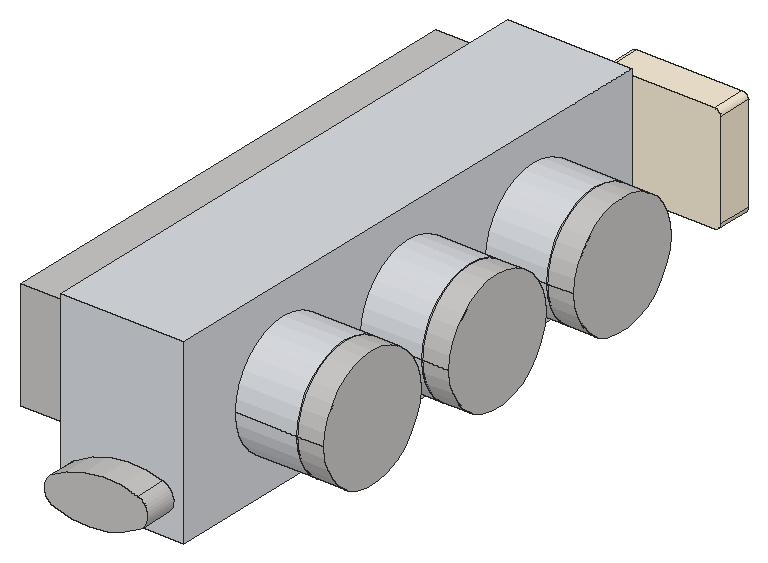
Revit family "HVAC_Ductwork_Airzone_Motorized-Plenum_Mitsubishi-Electric_Standard_3-Dampers", category Mechanical Equipment, Revit 2016
Family settings
  Part Type = Normal
  Round Connector Dimension = Use Diameter
  OmniClass Number = 23.75.70.14
  OmniClass Title = Air Ductwork
  Work Plane-Based = No
  Always vertical = Yes
  Cut with Voids When Loaded = No
  Shared = No
  Room Calculation Point = No
Parameters (values of type "MELST01S3")
  Voltage = 230 V
  URL = "www.airzone.es"
  Type Image Comments = "Image available in product documentation download"  # constant formula
  Revit Model Version = "1.0"  # constant formula
  Revit Model Author URL = "www.a3d.es"
  Revit Model Author = "A3D Consulting"  # constant formula
  Product Documentation Download URL = "http://doc.airzone.es/BIM/Easyzone/Mitsubishi_Electric-Airzone_motorized_plenum.zip"
  Product Comments = "Refer to technical documentation for further details"  # constant formula
  Power Factor = 1
  Neck Width = 863.600 mm
  Neck Length = 95.000 mm
  Neck Height = 181.600 mm
  Material = Metal - AIRZONE - Galvanized Sheet - Semi-polished
  Main Control Board Material = Plastic - AIRZONE - Smooth - Off-white
  Load Classification = Other
  Insulated Body Width = 205.000 mm  # constant formula
  Insulated Body Material = Metal -AIRZONE - Insulating Lining -Aluminum Finish
  Insulated Body Length = 930.000 mm  # constant formula
  Insulated Body Height = 300.000 mm  # constant formula
  Flow [instance] = Damper 3 Air Flow + Damper 2 Air Flow + Damper 1 Air Flow - Fresh Air Inlet 2 Flow - Fresh Air Inlet 1 Flow  # 900 m³/h
  Fresh Air Inlet 1 Flow [instance] = 0 m³/h
  Fresh Air Inlet 2 Flow [instance] = 0 m³/h
  Fresh Air Inlet Connection Width = 175.000 mm
  Fresh Air Inlet Connection Height = 75.000 mm
  Model = "MELST01S3"
  Neck Side Offset = 32.200 mm
  Neck Bottom Offset = 85.200 mm
  Type Image = <None>
  Manufacturer = "AIRZONE"  # constant formula
  Main Control Board Depth = 57.000 mm  # constant formula
  Main Control Board Width = 195.000 mm  # constant formula
  Main Control Board Height = 180.000 mm  # constant formula
  Fixing = ""
  Disclaimer = "All information provided in this model is reviewed before being published. However, Airzone cannot guarantee this model is error-free, therefore users are strongly encouraged to check for technical documentation and updates"  # constant formula
  Description = "Airzone standard motorized plenum with neck that mechanically adapts to the main ducted AC units of Mirsubishi Electric."
  Type Comments = ""
  Dampers Length = 149.000 mm  # constant formula
  Dampers Diameter = 200.000 mm  # constant formula
  Damper 1 Air Flow [instance] = 300 m³/h
  Damper 2 Air Flow [instance] = 300 m³/h
  Damper 3 Air Flow [instance] = 300 m³/h
  Fresh Air Inlet Connection Offset Height = 48.305 mm  # constant formula
  Compatible Accesories = ""
  Apparent Load = 57.5 VA
Types (2, lengths in mm): name | Neck Width | Model | Neck Side Offset
  MELST01S3 | 863.600 | "MELST01S3" | 32.200
  MELST01XS3 | 663.600 | "MELST01XS3" | 132.200
Reference planes
  plane 1 "Center (Front/Back)": y = 0
  plane 2 "Center (Elevation)": z = 0
  plane 3 "Center (Left/Right)": x = 0
  plane 4 "Neck Back": y = 431.8
  plane 5 "Neck Front": y = -431.8
  plane 6 "Neck Top": z = 90.8
  plane 7 "Neck Bottom": z = -90.8
  plane 8 "Left": x = 95
  plane 9 "Bottom": z = -176
  plane 10 "Top": z = 124
  plane 11 "Front": y = -466
  plane 12 "Back": y = 464
  plane 13 "Right": x = 300
  plane 14 "Dampers Front": x = 449
  plane 15 "Dampers Center (Elevation)": z = -26
  plane 16 "Damper3": y = -261
  plane 17 "Damper2": y = -1
  plane 18 "Damper1": y = 259
  plane 19 "Middle": y = -1
  plane 20 "FreshAir Center (Elevation)": z = -127.695
  plane 21 "FreshAir1": y = 516.5
  plane 22 "FreshAir2": y = -518.5
  plane 23 "Dampers Lining": x = 404
  plane 24 "FreshAir Vertical Axis": x = 195.83
  plane 25 "ConnectionBox Side": x = 254
  plane 26 "Main Control Board Center (Left/Right)": x = 351.5
Forms (mm)
  Extrusion 1, solid, material "Metal - AIRZONE - Galvanized Sheet - Semi-polished" <- "Material"
    sketch origin (0, 0, 0) x (0, 1, 0) y (0, 0, 1)
      loop
        line (-431.8, 90.8) -> (-431.8, -90.8) -> (431.8, -90.8) -> (431.8, 90.8) -> (-431.8, 90.8)
    from 0 to 95
  Extrusion 2, solid, material "Metal -AIRZONE - Insulating Lining -Aluminum Finish" <- "Insulated Body Material"
    sketch origin (95, 0, 0) x (0, 1, 0) y (0, 0, 1)
      loop
        line (-466, 124) -> (-466, -176) -> (464, -176) -> (464, 124) -> (-466, 124)
    from 0 to 205
  Extrusion 3, solid, material "Metal - AIRZONE - Galvanized Sheet - Semi-polished" <- "Material"
    sketch origin (300, 0, 0) x (0, 1, 0) y (0, 0, 1)
      loop
        circle (-261, -26) r 100
    from 104 to 149
  Extrusion 4, solid, material "Metal - AIRZONE - Galvanized Sheet - Semi-polished" <- "Material"
    sketch origin (300, 0, 0) x (0, 1, 0) y (0, 0, 1)
      loop
        circle (-1, -26) r 100
    from 104 to 149
  Extrusion 5, solid, material "Metal - AIRZONE - Galvanized Sheet - Semi-polished" <- "Material"
    sketch origin (300, 0, 0) x (0, 1, 0) y (0, 0, 1)
      loop
        circle (259, -26) r 100
    from 104 to 149
  Extrusion 6, solid, material "Metal - AIRZONE - Galvanized Sheet - Semi-polished" <- "Material"
    sketch origin (0, -466, 0) x (0, 0, 1) y (1, 0, 0)
      loop
        arc (-95.141, 265.204) -> (-116.608, 282.105) -> (-141.312, 270.434) r 25.96
        arc (-141.312, 270.434) -> (-167.302, 200.598) -> (-159.849, 126.456) r 164.67
        arc (-159.849, 126.456) -> (-138.665, 109.589) -> (-113.994, 120.751) r 25.96
        arc (-113.994, 120.751) -> (-87.725, 190.78) -> (-95.141, 265.204) r 164.67
    from 0 to -52.5
  Extrusion 7, solid, material "Metal - AIRZONE - Galvanized Sheet - Semi-polished" <- "Material"
    sketch origin (0, 464, 0) x (0, 0, 1) y (1, 0, 0)
      loop
        arc (-95.141, 265.204) -> (-116.325, 282.071) -> (-140.996, 270.909) r 25.96
        arc (-140.996, 270.909) -> (-167.179, 201.53) -> (-160.267, 127.699) r 164.67
        arc (-160.267, 127.699) -> (-139.032, 109.637) -> (-113.678, 121.226) r 25.96
        arc (-113.678, 121.226) -> (-87.688, 191.062) -> (-95.141, 265.204) r 164.67
    from 0 to 52.5
  Extrusion 8, solid, material "Metal -AIRZONE - Insulating Lining -Aluminum Finish" <- "Insulated Body Material"
    sketch origin (300, 0, 0) x (0, 1, 0) y (0, 0, 1)
      loop
        circle (259, -26) r 100
    from 0 to 104
  Extrusion 9, solid, material "Metal -AIRZONE - Insulating Lining -Aluminum Finish" <- "Insulated Body Material"
    sketch origin (300, -260, 0) x (0, 1, 0) y (0, 0, 1)
      loop
        circle (259, -26) r 100
    from 0 to 104
  Extrusion 10, solid, material "Metal -AIRZONE - Insulating Lining -Aluminum Finish" <- "Insulated Body Material"
    sketch origin (300, -520, 0) x (0, 1, 0) y (0, 0, 1)
      loop
        circle (259, -26) r 100
    from 0 to 104
Lines and regions (mm)
  Masking region 1
    outline origin (0, 0, 0) x (1, 0, 0) y (0, 1, 0)
      loop
        line (95, 464) -> (95, -466) -> (300, -466) -> (300, 464) -> (95, 464)
  Masking region 2, detail levels medium+fine
    outline origin (0, 0, 0) x (1, 0, 0) y (0, 1, 0)
      loop
        line (0, 431.8) -> (0, -431.8) -> (95, -431.8) -> (95, 431.8) -> (0, 431.8)
  Masking region 3, detail levels medium+fine
    outline origin (0, 0, 0) x (1, 0, 0) y (0, 1, 0)
      loop
        line (300, -161) -> (300, -361) -> (449, -361) -> (449, -161) -> (300, -161)
  Masking region 4, detail levels medium+fine
    outline origin (0, 260, 0) x (1, 0, 0) y (0, 1, 0)
      loop
        line (300, -161) -> (300, -361) -> (449, -361) -> (449, -161) -> (300, -161)
  Masking region 5, detail levels medium+fine
    outline origin (0, 520, 0) x (1, 0, 0) y (0, 1, 0)
      loop
        line (300, -161) -> (300, -361) -> (449, -361) -> (449, -161) -> (300, -161)
  Masking region 6, detail levels medium+fine
    outline origin (0, 0, -127.695) x (1, 0, 0) y (0, 1, 0)
      loop
        line (108.33, 516.5) -> (108.33, 464) -> (283.33, 464) -> (283.33, 516.5) -> (108.33, 516.5)
  Masking region 7, detail levels medium+fine
    outline origin (0, 0, -127.695) x (1, 0, 0) y (0, 1, 0)
      loop
        line (108.33, -466) -> (108.33, -518.5) -> (283.33, -518.5) -> (283.33, -466) -> (108.33, -466)
  Masking region 8, detail levels medium+fine
    outline origin (0, 0, 124) x (0, -1, 0) y (1, 0, 0)
      loop
        line (-521, 254) -> (-464, 254) -> (-464, 449) -> (-521, 449) -> (-521, 254)
  symbolic lines, detail levels coarse
    curve 1: line (95, -466, 0) -> (300, -1, 0)
    curve 2: line (300, -1, 0) -> (95, 464, 0)
Dimensions and locks
  equal spacing: plane 4 "Neck Back", plane 1 "Center (Front/Back)", plane 5 "Neck Front"
  "Neck Width": plane 4 "Neck Back" to plane 5 "Neck Front"
  equal spacing: plane 6 "Neck Top", level, plane 7 "Neck Bottom"
  "Neck Height": plane 6 "Neck Top" to plane 7 "Neck Bottom"
  "Neck Length": plane 3 "Center (Left/Right)" to plane 8 "Left"
  "Neck Bottom Offset": plane 7 "Neck Bottom" to plane 9 "Bottom"
  "Insulated Body Height": plane 10 "Top" to plane 9 "Bottom"
  "Insulated Body Length": plane 12 "Back" to plane 11 "Front"
  "Insulated Body Width": plane 8 "Left" to plane 13 "Right"
  "Dampers Length": plane 13 "Right" to plane 14 "Dampers Front"
  equal spacing: plane 10 "Top", plane 15 "Dampers Center (Elevation)", plane 9 "Bottom"
  plane 18 "Damper1" to plane 17 "Damper2" to plane 16 "Damper3" = 260.000 mm locked, 260.000 mm locked
  equal spacing: plane 12 "Back", plane 19 "Middle", plane 11 "Front"
  plane 8 "Left" to plane 13 "Right" = 205.000 mm
  "Fresh Air Inlet Connection Offset Height": plane 20 "FreshAir Center (Elevation)" to plane 9 "Bottom"
  locked: Extrusion 6 sketch curve to plane 9 "Bottom" at 56.47
  locked: plane 13 "Right" to Extrusion 6 sketch curve at 43.69
  locked: plane 13 "Right" to Extrusion 6 sketch curve at 164.65
  locked: Extrusion 6 sketch curve to plane 9 "Bottom" at 40.54
  locked: plane 13 "Right" to Extrusion 6 sketch curve at 87.91
  locked: plane 9 "Bottom" to Extrusion 6 sketch curve at 75.01
  locked: plane 13 "Right" to Extrusion 6 sketch curve at 120.43
  locked: Extrusion 6 sketch curve to plane 9 "Bottom" at 172.02
  locked: plane 13 "Right" to Extrusion 7 sketch curve at 43.69
  locked: Extrusion 7 sketch curve to plane 9 "Bottom" at 56.47
  locked: Extrusion 7 sketch curve to plane 9 "Bottom" at 40.54
  locked: plane 13 "Right" to Extrusion 7 sketch curve at 164.65
  locked: plane 13 "Right" to Extrusion 7 sketch curve at 120.43
  locked: Extrusion 7 sketch curve to plane 9 "Bottom" at 172.02
  locked: plane 9 "Bottom" to Extrusion 7 sketch curve at 75.01
  locked: plane 13 "Right" to Extrusion 7 sketch curve at 87.91
  "Neck Side Offset": plane 12 "Back" to plane 4 "Neck Back"
  equal spacing: plane 12 "Back", plane 17 "Damper2", plane 11 "Front"
  locked: plane 21 "FreshAir1" to plane 12 "Back" at 52.5
  plane 11 "Front" to plane 22 "FreshAir2" = 52.500 mm
  locked: connector elem to plane 13 "Right" at 104.17
  locked: plane 20 "FreshAir Center (Elevation)" to connector elem
  locked: plane 13 "Right" to connector elem at 104.17
  locked: connector elem to plane 20 "FreshAir Center (Elevation)"
  locked: plane 23 "Dampers Lining" to plane 14 "Dampers Front" at 45
  locked: plane 24 "FreshAir Vertical Axis" to plane 13 "Right" at 104.17
  equal spacing: Masking region 3 sketch curve, plane 16 "Damper3", Masking region 3 sketch curve
  "Dampers Diameter": Masking region 3 sketch curve to Masking region 3 sketch curve
  equal spacing: Masking region 4 sketch curve, plane 17 "Damper2", Masking region 4 sketch curve
  "Dampers Diameter": Masking region 4 sketch curve to Masking region 4 sketch curve
  equal spacing: Masking region 5 sketch curve, plane 18 "Damper1", Masking region 5 sketch curve
  "Dampers Diameter": Masking region 5 sketch curve to Masking region 5 sketch curve
  equal spacing: Masking region 6 sketch curve, plane 24 "FreshAir Vertical Axis", Masking region 6 sketch curve
  "Fresh Air Inlet Connection Width": Masking region 6 sketch curve to Masking region 6 sketch curve
  equal spacing: Masking region 7 sketch curve, plane 24 "FreshAir Vertical Axis", Masking region 7 sketch curve
  "Fresh Air Inlet Connection Width": Masking region 7 sketch curve to Masking region 7 sketch curve
  "Main Control Board Depth": Masking region 8 sketch curve to plane 12 "Back"
  "Main Control Board Width": plane 25 "ConnectionBox Side" to plane 14 "Dampers Front"
  equal spacing: plane 25 "ConnectionBox Side", plane 26 "Main Control Board Center (Left/Right)", plane 14 "Dampers Front"
  locked: nested 1 to plane 10 "Top" at 10
  "Dampers Diameter": diameter of Extrusion 3 sketch curve
  "Dampers Diameter": diameter of Extrusion 4 sketch curve
  "Dampers Diameter": diameter of Extrusion 5 sketch curve
  radius of Extrusion 7 sketch curve = 164.670 mm  (x2)
  radius of Extrusion 7 sketch curve = 25.960 mm  (x2)
  radius of Extrusion 6 sketch curve = 164.670 mm  (x2)
  radius of Extrusion 6 sketch curve = 25.960 mm  (x2)
  "Dampers Diameter": diameter of Extrusion 8 sketch curve
  "Dampers Diameter": diameter of Extrusion 9 sketch curve
  "Dampers Diameter": diameter of Extrusion 10 sketch curve
  aligned and locked: level to plane 2 "Center (Elevation)"
  aligned and locked: plane 5 "Neck Front" to Extrusion 1 sketch curve
  aligned and locked: Extrusion 1 sketch curve to plane 6 "Neck Top"
  aligned and locked: Extrusion 1 sketch curve to plane 4 "Neck Back"
  aligned and locked: plane 7 "Neck Bottom" to Extrusion 1 sketch curve
  aligned and locked: Extrusion 1 to plane 3 "Center (Left/Right)"
  aligned and locked: Extrusion 2 sketch curve to plane 10 "Top"
  aligned and locked: Extrusion 2 sketch curve to plane 12 "Back"
  aligned and locked: plane 9 "Bottom" to Extrusion 2 sketch curve
  aligned and locked: plane 11 "Front" to Extrusion 2 sketch curve
  aligned and locked: plane 13 "Right" to Extrusion 2
  aligned and locked: Extrusion 2 to plane 8 "Left"
  aligned and locked: plane 16 "Damper3" to Extrusion 3 sketch curve
  aligned and locked: plane 15 "Dampers Center (Elevation)" to Extrusion 3 sketch curve
  aligned and locked: plane 17 "Damper2" to Extrusion 4 sketch curve
  aligned and locked: plane 15 "Dampers Center (Elevation)" to Extrusion 4 sketch curve
  aligned and locked: plane 18 "Damper1" to Extrusion 5 sketch curve
  aligned and locked: plane 15 "Dampers Center (Elevation)" to Extrusion 5 sketch curve
  aligned and locked: plane 14 "Dampers Front" to Extrusion 5
  aligned and locked: plane 14 "Dampers Front" to Extrusion 4
  aligned and locked: plane 14 "Dampers Front" to Extrusion 3
  aligned and locked: plane 8 "Left" to Extrusion 1
  aligned and locked: plane 22 "FreshAir2" to Extrusion 6
  aligned and locked: plane 21 "FreshAir1" to Extrusion 7
  aligned and locked: Extrusion 7 to plane 12 "Back"
  aligned and locked: plane 11 "Front" to Extrusion 6
  aligned and locked: Extrusion 5 to plane 23 "Dampers Lining"
  aligned and locked: Extrusion 5 to Extrusion 4
  aligned and locked: Extrusion 4 to Extrusion 3
  aligned and locked: plane 23 "Dampers Lining" to Extrusion 8
  aligned and locked: Extrusion 10 to plane 13 "Right"
  aligned and locked: plane 23 "Dampers Lining" to Extrusion 10
  aligned and locked: Extrusion 9 to plane 13 "Right"
  aligned and locked: plane 23 "Dampers Lining" to Extrusion 9
  aligned and locked: Extrusion 8 to plane 13 "Right"
  aligned and locked: Extrusion 9 to Extrusion 8
  aligned and locked: plane 18 "Damper1" to Extrusion 8 sketch curve
  aligned and locked: plane 15 "Dampers Center (Elevation)" to Extrusion 8 sketch curve
  aligned and locked: plane 17 "Damper2" to Extrusion 9 sketch curve
  aligned and locked: plane 15 "Dampers Center (Elevation)" to Extrusion 9 sketch curve
  aligned and locked: plane 16 "Damper3" to Extrusion 10 sketch curve
  aligned and locked: plane 15 "Dampers Center (Elevation)" to Extrusion 10 sketch curve
  aligned and locked: Masking region 1 sketch curve to plane 12 "Back"
  aligned and locked: plane 8 "Left" to Masking region 1 sketch curve
  aligned and locked: Masking region 1 sketch curve to plane 13 "Right"
  aligned and locked: plane 11 "Front" to Masking region 1 sketch curve
  aligned and locked: plane 5 "Neck Front" to Masking region 2 sketch curve
  aligned and locked: plane 3 "Center (Left/Right)" to Masking region 2 sketch curve
  aligned and locked: Masking region 2 sketch curve to plane 4 "Neck Back"
  aligned and locked: Masking region 2 sketch curve to plane 8 "Left"
  aligned and locked: plane 13 "Right" to Masking region 3 sketch curve
  aligned and locked: Masking region 3 sketch curve to plane 14 "Dampers Front"
  aligned and locked: plane 13 "Right" to Masking region 4 sketch curve
  aligned and locked: Masking region 4 sketch curve to plane 14 "Dampers Front"
  aligned and locked: plane 13 "Right" to Masking region 5 sketch curve
  aligned and locked: Masking region 5 sketch curve to plane 14 "Dampers Front"
  aligned and locked: plane 12 "Back" to Masking region 6 sketch curve
  aligned and locked: Masking region 6 sketch curve to plane 21 "FreshAir1"
  aligned and locked: Masking region 7 sketch curve to plane 11 "Front"
  aligned and locked: Masking region 7 sketch curve to plane 22 "FreshAir2"
  aligned and locked: plane 12 "Back" to Masking region 8 sketch curve
  aligned and locked: Masking region 8 sketch curve to plane 14 "Dampers Front"
  aligned and locked: plane 25 "ConnectionBox Side" to Masking region 8 sketch curve
  aligned and locked: nested 1 to plane 26 "Main Control Board Center (Left/Right)"
Automatic sketch dimensions
  curve 2 to plane 8 "Left" = 0.000 mm
  curve 1 to plane 8 "Left" = 0.000 mm
  curve 1 to plane 13 "Right" = 0.000 mm
  curve 1 to plane 11 "Front" = 0.000 mm
  curve 2 to plane 17 "Damper2" = 0.000 mm
  curve 2 to plane 12 "Back" = 0.000 mm
Nested families
  nested 1: "Airzone_Main-Control-Board" at (351.5, 464, 24) x (-1, 0, 0) z (0, 1, 0), Extrusion <- "Main Control Board Depth", Height <- "Main Control Board Height", Width <- "Main Control Board Width", Material <- "Main Control Board Material", type "Standard"
    with Width 195.000 mm, Material Plastic - AIRZONE - Smooth - Off-white, Height 180.000 mm, Extrusion 57.000 mm
Connectors
  hvac at (449, -261, -26), driven by "Damper 3 Air Flow", driven by "Dampers Diameter"
    settings: on Extrusion 3, index 1, duct flow 300 m³/h, flow factor 0, pres drop 0.0 Pa, loss coef 0, conn angle 0.00°, conn width 304.8 mm, conn height 304.8 mm, conn diameter 200 mm, duct sys type 1, conn prof type 0, flow config 0, flow direction 2, loss method 0, conn ref index -1, conn util no, is conn primary no, conn desc "Supply Air Out 3"
  hvac at (449, -1, -26), driven by "Damper 2 Air Flow", driven by "Dampers Diameter"
    settings: on Extrusion 4, index 2, duct flow 300 m³/h, flow factor 0, pres drop 0.0 Pa, loss coef 0, conn angle 0.00°, conn width 304.8 mm, conn height 304.8 mm, conn diameter 200 mm, duct sys type 1, conn prof type 0, flow config 0, flow direction 2, loss method 0, conn ref index -1, conn util no, is conn primary no, conn desc "Supply Air Out 2"
  hvac at (449, 259, -26), driven by "Damper 1 Air Flow", driven by "Dampers Diameter"
    settings: on Extrusion 5, index 3, duct flow 300 m³/h, flow factor 0, pres drop 0.0 Pa, loss coef 0, conn angle 0.00°, conn width 304.8 mm, conn height 304.8 mm, conn diameter 200 mm, duct sys type 1, conn prof type 0, flow config 0, flow direction 2, loss method 0, conn ref index -1, conn util no, is conn primary no, conn desc "Supply Air Out 1"
  hvac at (0, 0, 0), driven by "Flow", driven by "Neck Height", driven by "Neck Width"
    settings: on Extrusion 1, index 6, duct flow 900 m³/h, flow factor 0, pres drop 0.0 Pa, loss coef 0, conn angle 0.00°, conn width 863.6 mm, conn height 181.6 mm, conn diameter 609.6 mm, duct sys type 1, conn prof type 1, flow config 1, flow direction 1, loss method 0, conn ref index -1, conn util no, is conn primary yes, conn desc "Supply Air In"
  hvac at (195.83, -518.5, -127.695), driven by "Fresh Air Inlet 2 Flow", driven by "Fresh Air Inlet Connection Width", driven by "Fresh Air Inlet Connection Height"
    settings: index 7, duct flow 0 m³/h, flow factor 0, pres drop 0.0 Pa, loss coef 0, conn angle 0.00°, conn width 175 mm, conn height 75 mm, conn diameter 609.6 mm, duct sys type 1, conn prof type 2, flow config 1, flow direction 1, loss method 0, conn ref index -1, conn util no, is conn primary no, conn desc "Fresh Air In 2"
  hvac at (195.83, 516.5, -127.695), driven by "Fresh Air Inlet 1 Flow", driven by "Fresh Air Inlet Connection Height", driven by "Fresh Air Inlet Connection Width"
    settings: index 8, duct flow 0 m³/h, flow factor 0, pres drop 0.0 Pa, loss coef 0, conn angle 0.00°, conn width 175 mm, conn height 75 mm, conn diameter 609.6 mm, duct sys type 1, conn prof type 2, flow config 1, flow direction 1, loss method 0, conn ref index -1, conn util no, is conn primary no, conn desc "Fresh Air In 1"
  electrical at (351.5, 521, 24), driven by "Load Classification", driven by "Voltage", driven by "Apparent Load", driven by "Power Factor"
    settings: on nested 1, index 9, voltage 230 V, apparent load 57.5 VA, apparent load phase1 0 VA, apparent load phase2 0 VA, apparent load phase3 0 VA, power factor 1, load classification "Other", number of poles 1, system type 30, power factor state 1, is connector primary yes, connector utility no, sub classification motor no, connector description "Power Supply"
Definition of nested family "Airzone_Main-Control-Board"
  Parameters (values of type "Standard")
    Width [instance] = 195.000 mm
    URL = "www.airzone.es"
    Revit Model Version = "1.0"  # constant formula
    Revit Model Author URL = "www.a3d.es"
    Revit Model Author = "A3D Consulting"  # constant formula
    Material [instance] = none
    Manufacturer = "AIRZONE"  # constant formula
    Height [instance] = 180.000 mm
    Extrusion [instance] = 57.000 mm
    Default Elevation = 0.000 mm
  Reference planes
    plane 1 "Center (Front/Back)": y = 0
    plane 2: z = 0
    plane 3 "Center (Left/Right)": x = 0
    plane 4: y = 90
    plane 5: y = -90
    plane 6: x = 97.5
    plane 7: x = -97.5
  Forms (mm)
    Extrusion 1, solid, material <- "Material"
      sketch origin (0, 0, 0) x (1, 0, 0) y (0, 1, 0)
        loop
          arc (-87.5, 90) -> (-94.571, 87.071) -> (-97.5, 80) r 10
          line (-97.5, 80) -> (-97.5, -80)
          arc (-97.5, -80) -> (-94.571, -87.071) -> (-87.5, -90) r 10
          line (-87.5, -90) -> (87.5, -90)
          arc (87.5, -90) -> (94.571, -87.071) -> (97.5, -80) r 10
          line (97.5, -80) -> (97.5, 80)
          arc (97.5, 80) -> (94.571, 87.071) -> (87.5, 90) r 10
          line (87.5, 90) -> (-87.5, 90)
      from 0 to 57 <- "Extrusion"
  Dimensions and locks
    equal spacing: plane 7, plane 3 "Center (Left/Right)", plane 6
    equal spacing: plane 4, plane 1 "Center (Front/Back)", plane 5
    "Width": plane 7 to plane 6
    "Height": plane 4 to plane 5
    radius of Extrusion 1 sketch curve = 10.000 mm  (x4)
    aligned and locked: level to plane 2
    aligned and locked: plane 5 to Extrusion 1 sketch curve
    aligned and locked: Extrusion 1 sketch curve to plane 6
    aligned and locked: Extrusion 1 sketch curve to plane 4
    aligned and locked: plane 7 to Extrusion 1 sketch curve
